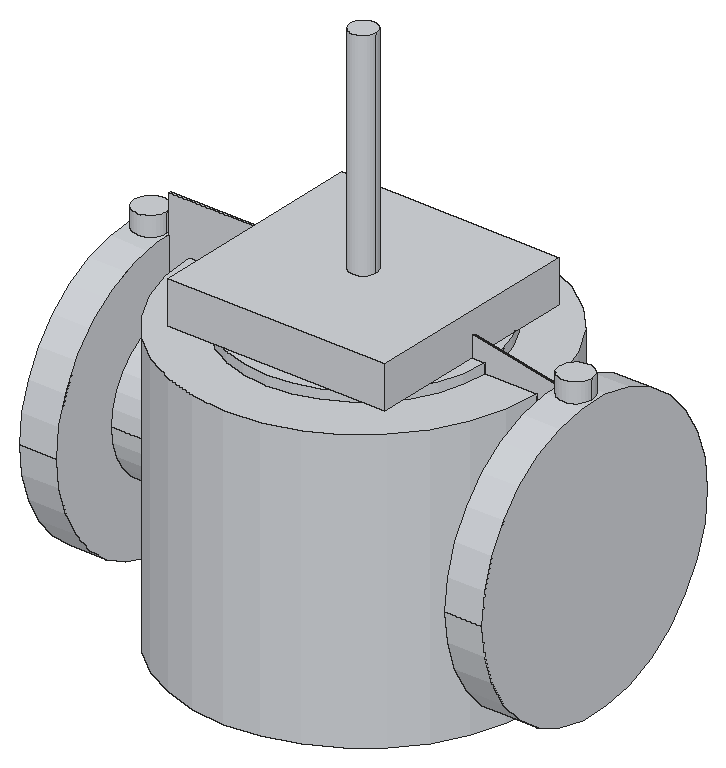
Revit family "OC-FLANGE_LF_DN250_PN25_RFA_2019", category Pipe Accessories, Revit 2019
Family settings
  Round Connector Dimension = Use Diameter
  Part Type = Valve - Breaks Into
  Work Plane-Based = No
  Always vertical = Yes
  Cut with Voids When Loaded = No
  Shared = No
Parameters (values of type "Optima Compact Flange PN25 DN250 LF")
  magiProductId = "20821eea46024d2fbc17bc30e76bb6"
  magiProductFamilyId = "6671a74a2b704780975e46da077cee"
  magiPartTypeId = 304
  isMeasuringValve [instance] = no
  ang2D [instance] = 0.00°
  W2D = 50 mm
  VersionID = "2.0/2018.12.13.2/FRESE_OPT_COMP_BIG_Q13_001"
  Use Minimum Symbol Size [instance] = no
  URL = "www.hydronic.cz"
  Type Comments = "Přírubový; PN25; 0~110°C, s měřením"
  R4 = 192.15 mm
  R3 = 115.44 mm
  R1 = 274.5 mm
  QmdConnectorList = "301;D;302;D"
  Productdata [instance] = ""
  Manufacturer = "Hydronic Systems Prague s.r.o."
  MC Use Limits From Balancing Method = no
  MC Throttling Minimum Value = 0
  MC Throttling Maximum Value = 0
  MC Product Code = "53-1227 (DN250 LF; 48mm; pohon min 2500N; Qmin-dpmin 190000l/h-10.0kPa; Qmax-dpmin 475000l/h-35.0kPa; dpmax 800kPa)"
  MC Pressure Drop Minimum Value = 0.0 Pa
  MC Pressure Drop Maximum Value = 0.0 Pa
  MC Piping Given Pressure Drop [instance] = 0.0 Pa
  LF__ve = -LF  # -58.4 mm
  LF2 = 29.2 mm
  LF = 58.4 mm
  L4 = 343.1 mm
  L3 = 613.2 mm
  L2D_Min = 30.48 mm
  L2D = 230 mm
  L2 = 365 mm
  H6 = 339.4 mm
  H4 = 66.6 mm
  H3 = 15 mm
  H2 = 244.2 mm
  H1 = 444 mm
  H = 1094 mm
  Description = "Pressure independent control valve"
  DF2 = 222 mm
  DD = yes
  D = 250 mm
  CAT0 = yes
  Assembly Code = "Tlakově nezávislý 2-cestný regulační vyvažovací ventil (PICV)"
  AL2 = 156 mm
  ACT3W = 167 mm
  ACT3L = 92.5 mm
  ACT2L = 230 mm
  ACT2H = 311 mm
  A3WP = 112 mm
Types (2, lengths in mm): name | magiProductId | R4 | R3 | R1 | MC Product Code | LF__ve | LF2 | LF | L4 | L3 | L2 | H6 | H4 | H2 | H1 | H | DF2 | D
  Optima Compact Flange PN25 DN250 LF | "20821eea46024d2fbc17bc30e76bb6" | 192.15 | 115.44 | 274.5 | "53-1227 (DN250 LF; 48mm; pohon min 2500N; Qmin-dpmin 190000l/h-10.0kPa; Qmax-dpmin 475000l/h-35.0kPa; dpmax 800kPa)" | -58.4 | 29.2 | 58.4 | 343.1 | 613.2 | 365 | 339.4 | 66.6 | 244.2 | 444 | 1094 | 222 | 250
  Optima Compact Flange PN25 DN300 LF | "927549d0afbe43c2b0a2f05f2749bf" | 251.65 | 135.2 | 359.5 | "53-1228 (DN300 LF; 48mm; pohon min 2500N; Qmin-dpmin 190000l/h-10.0kPa; Qmax-dpmin 475000l/h-35.0kPa; dpmax 800kPa)" | -68 | 34 | 68 | 399.5 | 714 | 425 | 290 | 78 | 286 | 520 | 1132 | 260 | 300
Reference planes
  plane 1 "Center (Front/Back)": y = 0
  plane 2 "XYPLANE": z = 0
  plane 3 "Center (Left/Right)": x = 0
  plane 4 "362": y = 45
  plane 5 "361": y = 55
  plane 6 "360": y = -102
  plane 7 "359": y = -112
  plane 8 "358": z = 852
  plane 9 "357": x = -87.5
  plane 10 "356": x = 87.5
  plane 11 "355": x = -92.5
  plane 12 "354": x = 92.5
  plane 13 "353": x = 35
  plane 14 "352": x = -35
  plane 15 "351": z = 627
  plane 16 "350": z = 812
  plane 17 "347": y = -25
  plane 18 "346": y = 25
  plane 19 "342": z = 280.4
  plane 20 "341": x = 306.6
  plane 21 "340": x = -306.6
  plane 22 "335": x = 106
  plane 23 "334": z = 759
  plane 24 "333": z = 684
  plane 25 "332": z = 689
  plane 26 "331": z = 729
  plane 27 "330": z = 561
  plane 28 "329": z = -222
  plane 29 "328": x = -45
  plane 30 "327": x = 45
  plane 31 "326": x = -49
  plane 32 "325": x = 49
  plane 33 "324": y = -20
  plane 34 "323": y = 20
  plane 35 "322": z = 869
  plane 36 "321": z = 872
  plane 37 "320": z = 581
  plane 38 "319": y = -61
  plane 39 "318": y = 73
  plane 40 "317": x = -74
  plane 41 "316": x = 156
  plane 42 "206": x = 335.8
  plane 43 "205": x = -335.8
  plane 44 "204": z = 222
  plane 45 "203": z = 281.4
  plane 46 "202": z = 214.8
  plane 47 "201": z = 199.8
  plane 48 "200": x = -306.6
  plane 49 "199": z = -244.2
  plane 50 "198": x = 0
  plane 51 "197": y = 0
  plane 52 "196": z = 0
  plane 53 "195": x = -365
  plane 54 "194": x = 365
  plane 55 "193": z = 620.8
  plane 56 "192": z = 784.8
Forms (mm)
  Extrusion 1, solid, visible <- "DD"
    sketch origin (750, 0, 0) x (-1, 0, 0) y (0, 0, 1)
      loop
        line (1056.6, 280.4) -> (750, 280.4) -> (443.4, 222) -> (443.4, -222) -> (1056.6, -222) -> (1056.6, 280.4)
    from 0 to 3
  Extrusion 2, solid, visible <- "CAT0"
    sketch origin (-750, 0, 222) x (1, 0, 0) y (0, 1, 0)
      loop
        circle (1085.8, 0) r 25.5
    from 0 to 30
  Extrusion 3, solid, visible <- "CAT0"
    sketch origin (-750, 0, 222) x (1, 0, 0) y (0, 1, 0)
      loop
        circle (414.2, 0) r 25.5
    from 0 to 30
  Extrusion 4, solid, visible <- "CAT0"
    sketch origin (-750, 0, 281.4) x (1, 0, 0) y (0, 1, 0)
      loop
        circle (750, 0) r 20
    from 0 to 339.4 <- "H6"
  Extrusion 5, solid, visible <- "CAT0"
    sketch origin (-750, 0, 214.8) x (1, 0, 0) y (0, 1, 0)
      loop
        line (921.55, 171.55) -> (578.45, 171.55) -> (578.45, -171.55) -> (921.55, -171.55) -> (921.55, 171.55)
    from 0 to 66.6 <- "H4"
  Extrusion 6, solid, visible <- "CAT0"
    sketch origin (-750, 0, 199.8) x (1, 0, 0) y (0, 1, 0)
      loop
        circle (750, 0) r 192.15
    from 0 to 15 <- "H3"
  Extrusion 7, solid, visible <- "CAT0"
    sketch origin (-306.6, -750, 0) x (0, 1, 0) y (0, 0, 1)
      loop
        circle (750, 0) r 115.44
    from 0 to 613.2 <- "L3"
  Extrusion 8, solid, visible <- "CAT0"
    sketch origin (-750, 0, -244.2) x (1, 0, 0) y (0, 1, 0)
      loop
        circle (750, 0) r 274.5
    from 0 to 444 <- "H1"
  Extrusion 9, solid, visible <- "CAT0"
    sketch origin (-365, -750, 0) x (0, 1, 0) y (0, 0, 1)
      loop
        circle (750, 0) r 222
    from 0 to 58.4 <- "LF"
  Extrusion 10, solid, visible <- "CAT0"
    sketch origin (365, -750, 0) x (0, 1, 0) y (0, 0, 1)
      loop
        circle (750, 0) r 222
    from 0 to -58.4 <- "LF__ve"
  Extrusion 11, solid, not visible
    sketch origin (-365, -750, 0) x (0, 1, 0) y (0, 0, 1)
      loop
        circle (750, 0) r 10
    from 0 to 10
  Extrusion 12, solid, not visible
    sketch origin (365, -750, 0) x (0, 1, 0) y (0, 0, 1)
      loop
        circle (750, 0) r 10
    from 0 to -10
Lines and regions (mm)
  reference lines, not visible
    curve 1: circle (2, 2, 0) r 1 normal (0, 0, 1)
  reference lines
    curve 2: line (-49, -20, 561) -> (49, -20, 561)
    curve 3: line (49, -20, 561) -> (49, 20, 561)
    curve 4: line (49, 20, 561) -> (-49, 20, 561)
    curve 5: line (-49, 20, 561) -> (-49, -20, 561)
    curve 6: circle (0, 0, 214.8) r 1 normal (0, 0, 1)
Dimensions and locks
  plane 1 "Center (Front/Back)" to curve 1 = 2 mm
  locked: plane 5 "361" to plane 4 "362" at 10
  "ACT3W": plane 7 "359" to plane 5 "361"
  locked: plane 7 "359" to plane 6 "360" at 10
  "A3WP": plane 51 "197" to plane 7 "359"
  locked: plane 36 "321" to plane 8 "358" at 20
  locked: plane 11 "355" to plane 9 "357" at 5
  locked: plane 12 "354" to plane 10 "356" at 5
  "ACT3L": plane 50 "198" to plane 11 "355"
  "ACT3L": plane 50 "198" to plane 12 "354"
  locked: plane 30 "327" to plane 13 "353" at 10
  locked: plane 29 "328" to plane 14 "352" at 10
  locked: plane 36 "321" to plane 15 "351" at 245
  locked: plane 36 "321" to plane 16 "350" at 60
  locked: plane 51 "197" to plane 17 "347" at 25
  locked: plane 51 "197" to plane 18 "346" at 25
  "LF": plane 44 "204" to plane 19 "342"
  "LF": plane 54 "194" to plane 20 "341"
  "LF": plane 53 "195" to plane 21 "340"
  locked: plane 41 "316" to plane 22 "335" at 50
  locked: plane 26 "331" to plane 23 "334" at 30
  locked: plane 35 "322" to plane 24 "333" at 185
  locked: plane 35 "322" to plane 25 "332" at 180
  locked: plane 35 "322" to plane 26 "331" at 140
  "ACT2H": plane 36 "321" to plane 27 "330"
  "DF2": plane 52 "196" to plane 28 "329"
  locked: plane 30 "327" to plane 29 "328" at 90
  locked: plane 50 "198" to plane 30 "327" at 45
  locked: plane 50 "198" to plane 31 "326" at 49
  locked: plane 50 "198" to plane 32 "325" at 49
  locked: plane 34 "323" to plane 33 "324" at 40
  locked: plane 51 "197" to plane 34 "323" at 20
  locked: plane 36 "321" to plane 35 "322" at 3
  "H": plane 28 "329" to plane 36 "321"
  locked: plane 27 "330" to plane 37 "320" at 20
  locked: plane 51 "197" to plane 38 "319" at 61
  locked: plane 51 "197" to plane 39 "318" at 73
  "ACT2L": plane 41 "316" to plane 40 "317"
  "AL2": plane 50 "198" to plane 41 "316"
  "LF2": plane 54 "194" to plane 42 "206"
  "LF2": plane 53 "195" to plane 43 "205"
  "DF2": plane 2 "XYPLANE" to plane 44 "204"
  "H4": plane 46 "202" to plane 45 "203"
  "H3": plane 47 "201" to plane 46 "202"
  "H1": plane 49 "199" to plane 47 "201"
  "LF": plane 53 "195" to plane 48 "200"
  "H2": plane 2 "XYPLANE" to plane 49 "199"
  locked: plane 3 "Center (Left/Right)" to plane 50 "198"
  locked: plane 1 "Center (Front/Back)" to plane 51 "197"
  locked: plane 2 "XYPLANE" to plane 52 "196"
  "L2": plane 3 "Center (Left/Right)" to plane 53 "195"
  "L2": plane 3 "Center (Left/Right)" to plane 54 "194"
  "H6": plane 45 "203" to plane 55 "193"
  locked: plane 55 "193" to plane 56 "192" at 164
  Extrusion 1 sketch curve to Extrusion 1 sketch curve = 0 mm  (x10)
  equal spacing: Extrusion 5 sketch curve, curve 6, Extrusion 5 sketch curve  (x2)
  "L4": Extrusion 5 sketch curve to Extrusion 5 sketch curve  (x2)
  Extrusion 5 sketch curve to Extrusion 5 sketch curve = 0 mm  (x8)
  "R4": radius of Extrusion 6 sketch curve
  "R3": radius of Extrusion 7 sketch curve
  "R1": radius of Extrusion 8 sketch curve
  "DF2": radius of Extrusion 9 sketch curve
  "DF2": radius of Extrusion 10 sketch curve
  aligned and locked: level to plane 2 "XYPLANE"
  aligned and locked: plane 21 "340" to Extrusion 1 sketch curve  (x2)
  aligned and locked: plane 19 "342" to Extrusion 1 sketch curve
  aligned and locked: plane 28 "329" to Extrusion 1 sketch curve  (x2)
  aligned and locked: plane 20 "341" to Extrusion 1 sketch curve  (x2)
  aligned and locked: plane 44 "204" to Extrusion 1 sketch curve
  aligned and locked: plane 50 "198" to Extrusion 1 sketch curve
  aligned and locked: Extrusion 1 sketch curve to plane 19 "342"
  aligned and locked: curve 2 to plane 33 "324"
  aligned and locked: plane 31 "326" to curve 2
  aligned and locked: plane 32 "325" to curve 2
  aligned and locked: plane 33 "324" to curve 3
  aligned and locked: plane 34 "323" to curve 3
  aligned and locked: plane 32 "325" to curve 4
  aligned and locked: plane 31 "326" to curve 4
  aligned and locked: plane 34 "323" to curve 5
  aligned and locked: plane 42 "206" to Extrusion 2 sketch curve
  aligned and locked: plane 51 "197" to Extrusion 2 sketch curve
  aligned and locked: plane 43 "205" to Extrusion 3 sketch curve
  aligned and locked: plane 51 "197" to Extrusion 3 sketch curve
  aligned and locked: plane 50 "198" to Extrusion 4 sketch curve
  aligned and locked: plane 51 "197" to Extrusion 4 sketch curve
  aligned and locked: plane 50 "198" to curve 6
  aligned and locked: plane 51 "197" to curve 6
  aligned and locked: plane 50 "198" to Extrusion 6 sketch curve
  aligned and locked: plane 51 "197" to Extrusion 6 sketch curve
  aligned and locked: Extrusion 7 sketch curve to plane 51 "197"
  aligned and locked: plane 52 "196" to Extrusion 7 sketch curve
  aligned and locked: plane 50 "198" to Extrusion 8 sketch curve
  aligned and locked: plane 51 "197" to Extrusion 8 sketch curve
  aligned and locked: Extrusion 9 sketch curve to plane 51 "197"
  aligned and locked: plane 52 "196" to Extrusion 9 sketch curve
  aligned and locked: Extrusion 10 sketch curve to plane 51 "197"
  aligned and locked: plane 52 "196" to Extrusion 10 sketch curve
  aligned and locked: Extrusion 11 sketch curve to plane 51 "197"
  aligned and locked: plane 52 "196" to Extrusion 11 sketch curve
  aligned and locked: Extrusion 12 sketch curve to plane 51 "197"
  aligned and locked: plane 52 "196" to Extrusion 12 sketch curve
Automatic sketch dimensions
  plane 20 "341" to Extrusion 2 sketch curve = 3.7 mm
  plane 53 "195" to Extrusion 3 sketch curve = 3.7 mm
  plane 14 "352" to Extrusion 4 sketch curve = 15 mm
  plane 1 "Center (Front/Back)" to Extrusion 11 sketch curve = 10 mm
  plane 1 "Center (Front/Back)" to Extrusion 12 sketch curve = 10 mm
  plane 3 "Center (Left/Right)" to curve 1 = 2 mm
  Extrusion 5 sketch curve to plane 11 "355" = 79.05 mm
  Extrusion 5 sketch curve to plane 7 "359" = 59.55 mm
  radius of curve 6 = 1 mm
  radius of curve 1 = 1 mm
Connectors
  piping at (-365, 0, 0), diameter 250, driven by "D"
    settings: on Extrusion 11, index 1, connector inside diameter 609.6 mm, connector length 0 mm, flow factor 0, pipe flow 0.0 L/s, pressure drop 0.0 Pa, fitting loss kfactor 0, connector angle 0.00°, fixture units 0, engagement length 0 mm, angle of deflection 0.00°, flow configuration 0, flow direction 0, fitting loss method 0, system type 29, joint type 0, gender type 0, connector reference index 2, connector utility 0, adjustable connector no, is connector primary yes, connector description ""
  piping at (365, 0, 0), diameter 250, driven by "D"
    settings: on Extrusion 12, index 2, connector inside diameter 609.6 mm, connector length 0 mm, flow factor 0, pipe flow 0.0 L/s, pressure drop 0.0 Pa, fitting loss kfactor 0, connector angle 0.00°, fixture units 0, engagement length 0 mm, angle of deflection 0.00°, flow configuration 0, flow direction 0, fitting loss method 0, system type 29, joint type 0, gender type 0, connector reference index 1, connector utility 0, adjustable connector no, is connector primary no, connector description ""
